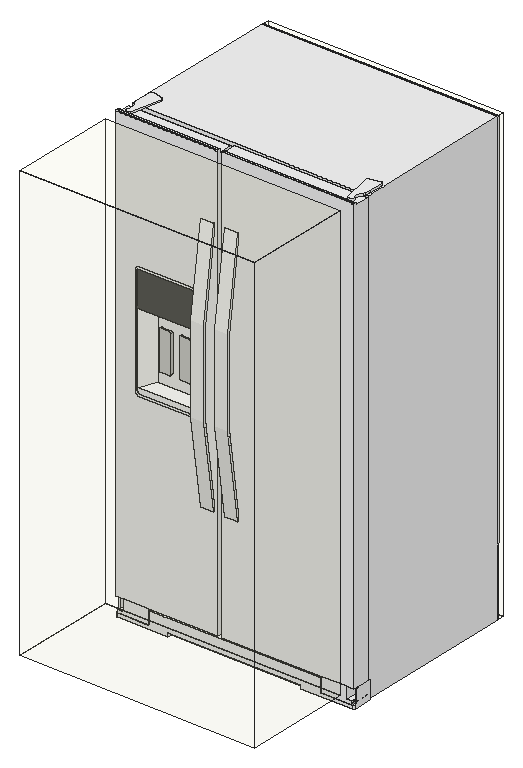
Revit family "WRS571CIHW-015c_Refrigeration_SXS", category Specialty Equipment, Revit 2026
Family settings
  Round Connector Dimension = Use Diameter
  Part Type = Normal
  Work Plane-Based = No
  Enable Cutting in Views = No
  Always vertical = Yes
  Cut with Voids When Loaded = No
  Maintain Annotation Orientation = No
  Shared = No
  Room Calculation Point = No
Parameters (values of type "WRS571CIHW")
  Width = 36"
  Warranty Duration (Years) = "One year limited"
  Voltage = 115 V
  URL = "https://www.whirlpool.com/kitchen/refrigeration/refrigerators/side-by-side/p.36-inch-wide-counter-depth-side-by-side-refrigerator-21-cu.-ft.wrs571cihz.html"
  Specification = ""
  SpecWizard = ""
  Show Clearance [instance] = yes
  Send Message = ""
  Sales Information = "https://www.whirlpool.com/kitchen/refrigeration/refrigerators/side-by-side/p.36-inch-wide-counter-depth-side-by-side-refrigerator-21-cu.-ft.wrs571cihz.html"
  Product Data = "https://www.whirlpool.com/content/dam/global/documents/201711/InstallationandOwnersManual-W10706417-RevB.pdf"
  Model = "WRS571CIHW"
  Manufacturer Website = ""
  Manufacturer Phone - Toll Free = ""
  Manufacturer Phone = ""
  Manufacturer Fax = ""
  Manufacturer Email = ""
  Manufacturer Address = ""
  Manufacturer = "Whirlpool"
  Maintenance Schedule (Months) = "NA"
  Leg Material = ARCAT - Metal - Steel - White
  Installation-Fabrication = "https://www.whirlpool.com/content/dam/global/documents/201807/installation-instruction-w10706411-revb.pdf"
  Installation Phase = "NA"
  Height = 68 7/8"
  Handle Material = ARCAT - Metal - Steel - White
  HW size = 0"
  Family Name = "Freestanding Refrigerator"
  Expected Lifespan (Years) = "NA"
  Exhaust size = 0"
  Drawn By = ""
  Drain size = 0"
  Door Material = ARCAT - Metal - Steel - White
  Display Panel Material = ARCAT - Glass - Black
  Description = "Whirlpool® 36-inch Wide Counter Depth Side-by-Side Refrigerator"
  Depth = 29 3/4"
  Default Elevation = 0"
  Copyright = ""
  Clearance Material = ARCAT - Clearance
  CW size = 0"
  Body Material = ARCAT - Metal - Steel - White
  Apparent Load = 0 VA
  Amps = 20 A
Reference planes (in)
  plane 1 "Center (Front/Back)": y = 0
  plane 2: z = 0
  plane 3 "Center (Left/Right)": x = 0
  plane 4: z = 68.875
  plane 5: y = -30.75
  plane 6: y = -1
  plane 7: x = 18
  plane 8: x = -18
  plane 9: z = 68.875
Forms (in)
  Extrusion 1, solid, material "ARCAT - Metal - Steel - White" <- "Body Material"
    sketch origin (0, -1, 0) x (1, 0, 0) y (0, 1, 0)
      loop
        line (-17.75, -0.125) -> (-17.75, -24.5) -> (17.75, -24.5) -> (17.75, -0.125) -> (-17.75, -0.125)
    from 0.5 to 68.625
  Extrusion 2, solid, material "ARCAT - Metal - Steel - White" <- "Body Material"
    sketch origin (19.90625, -1.125, 48) x (-1, 0, 0) y (0, 0, 1)
      loop
        line (2.15625, 20.625) -> (2.15625, -37.11587) -> (3.15625, -37.11587) -> (3.15625, 19.375) -> (36.65625, 19.375) -> (36.65625, -37.11587) -> (37.65625, -37.11587) -> (37.65625, 20.625) -> (2.15625, 20.625)
    from 0 to 0.125
  Extrusion 3, solid, material "ARCAT - Metal - Steel - White" <- "Body Material"
    sketch origin (-17.75, -1.125, 0) x (1, 0, 0) y (0, 0, -1)
      loop
        arc (35.47625, -10.88413) -> (35.49304, -10.87717) -> (35.5, -10.86038) r 0.02375
        line (35.5, -10.86038) -> (35.5, -0.5) -> (0, -0.5) -> (0, -10.86038)
        arc (0, -10.86038) -> (0.00696, -10.87717) -> (0.02375, -10.88413) r 0.02375
        line (0.02375, -10.88413) -> (1.20756, -10.88413)
        arc (1.20756, -10.88413) -> (1.22413, -10.891) -> (1.231, -10.90757) r 0.02344
        line (1.231, -10.90757) -> (1.231, -11.26273)
        arc (1.231, -11.26273) -> (1.23821, -11.28015) -> (1.25564, -11.28736) r 0.02464
        line (1.25564, -11.28736) -> (32.83267, -11.28736) -> (32.83267, -10.60759) -> (33.42208, -10.60759) -> (33.42208, -11.28736) -> (34.33361, -11.28736)
        arc (34.33361, -11.28736) -> (34.35103, -11.28015) -> (34.35825, -11.26273) r 0.02464
        line (34.35825, -11.26273) -> (34.35825, -10.90757)
        arc (34.35825, -10.90757) -> (34.36512, -10.891) -> (34.38169, -10.88413) r 0.02344
        line (34.38169, -10.88413) -> (35.47625, -10.88413)
      loop
        circle (8.37953, -10.25959) r 0.43193
    from 0 to 0.0625
  Extrusion 4, void
    sketch origin (-17.75, -1.125, 0) x (-1, 0, 0) y (0, 0, -1)
      loop
        line (-3.20358, -7.62739) -> (-2.70358, -7.62739) -> (-2.70358, -8.29333) -> (-2.59276, -8.29333) -> (-2.59276, -8.79333) -> (-2.22972, -8.79333) -> (-2.22972, -8.29333) -> (-2.1189, -8.29333) -> (-2.1189, -7.62739) -> (-1.6189, -7.62739) -> (-1.6189, -6.45946)
        arc (-1.6189, -6.45946) -> (-1.74531, -6.15429) -> (-2.05048, -6.02789) r 0.43157
        line (-2.05048, -6.02789) -> (-2.772, -6.02789)
        arc (-2.772, -6.02789) -> (-3.07717, -6.15429) -> (-3.20358, -6.45946) r 0.43157
        line (-3.20358, -6.45946) -> (-3.20358, -7.62739)
    from -0.125 to 1.8721
  Extrusion 5, solid, material "ARCAT - Metal - Steel - White" <- "Body Material"
    sketch origin (-11.54723, -1.0625, -1.25138) x (1, 0, 0) y (0, 0, -1)
      loop
        circle (26.9246, -11.70577) r 0.25
    from 0 to 0.03125
  Blend 6, solid, material "ARCAT - Metal - Steel - White" <- "Body Material"
    base sketch origin (0.30403, -1.0625, 10.4343) x (1, 0, 0) y (0, 0, -1)
      loop
        arc (15.34316, -12.01586) -> (15.76941, -11.8393) -> (15.94597, -11.41304) r 0.60281
        line (15.94597, -11.41304) -> (15.94597, -1.99242)
        arc (15.94597, -1.99242) -> (15.76978, -1.56705) -> (15.34441, -1.39086) r 0.60156
        line (15.34441, -1.39086) -> (7.04754, -1.39086)
        arc (7.04754, -1.39086) -> (6.62217, -1.56705) -> (6.44597, -1.99242) r 0.60156
        line (6.44597, -1.99242) -> (6.44597, -11.41429)
        arc (6.44597, -11.41429) -> (6.62217, -11.83966) -> (7.04754, -12.01586) r 0.60156
        line (7.04754, -12.01586) -> (15.34316, -12.01586)
    top sketch origin (0.30403, -1.0625, 10.4343) x (1, 0, 0) y (0, 0, -1)
      loop
        line (15.24597, -10.82836) -> (15.24597, -2.57836)
        arc (15.24597, -2.57836) -> (15.09953, -2.2248) -> (14.74597, -2.07836) r 0.5
        line (14.74597, -2.07836) -> (7.64472, -2.07836)
        arc (7.64472, -2.07836) -> (7.29117, -2.2248) -> (7.14472, -2.57836) r 0.5
        line (7.14472, -2.57836) -> (7.14472, -10.82836)
        arc (7.14472, -10.82836) -> (7.29117, -11.18191) -> (7.64472, -11.32836) r 0.5
        line (7.64472, -11.32836) -> (14.74597, -11.32836)
        arc (14.74597, -11.32836) -> (15.09953, -11.18191) -> (15.24597, -10.82836) r 0.5
    from 0 to 0.0625
  Extrusion 7, solid, material "ARCAT - Metal - Steel - White" <- "Door Material"
    sketch origin (0, 0.75, 68.875) x (1, 0, 0) y (0, 1, 0)
      loop
        line (17.25, -26.25) -> (-2, -26.25) -> (-2, -29.25) -> (18, -29.25) -> (18, -26.75) -> (17.25, -26.75) -> (17.25, -26.25)
    from -0.76265 to -65.625
  Extrusion 8, solid, material "ARCAT - Metal - Steel - White" <- "Door Material"
    sketch origin (0, 0.75, 68.875) x (1, 0, 0) y (0, 1, 0)
      loop
        line (-18, -29.25) -> (-2.625, -29.25) -> (-2.625, -26.25) -> (-17.25, -26.25) -> (-17.25, -26.75) -> (-18, -26.75) -> (-18, -29.25)
    from -0.76265 to -65.625
  Extrusion 9, solid, material "ARCAT - Metal - Steel - White" <- "Handle Material"
    sketch origin (-2.28977, 0.75, -11.02278) x (0, 1, 0) y (0, 0, -1)
      loop
        line (-29.25, -69.875) -> (-29.25, -68.74452)
        arc (-29.25, -68.74452) -> (-31.25116, -50.33528) -> (-29.25, -31.92604) r 85.67643
        line (-29.25, -31.92604) -> (-29.25, -30.79555)
        arc (-29.25, -30.79555) -> (-31.50116, -50.33528) -> (-29.25, -69.875) r 85.92643
    from 0.83523 to 2.83523
  Extrusion 10, solid, material "ARCAT - Glass - Black" <- "Display Panel Material"
    sketch origin (-17.75, -28.5, 66.625) x (1, 0, 0) y (0, 0, 1)
      loop
        line (3.05715, -23.21472) -> (11.63902, -23.21472) -> (11.63902, -18.16472)
        arc (11.63902, -18.16472) -> (11.5658, -17.98795) -> (11.38902, -17.91472) r 0.25
        line (11.38902, -17.91472) -> (3.30715, -17.91472)
        arc (3.30715, -17.91472) -> (3.13038, -17.98795) -> (3.05715, -18.16472) r 0.25
        line (3.05715, -18.16472) -> (3.05715, -23.21472)
    from 0 to 0.0625
  Blend 11, void
    base sketch origin (-17.75, -28.5, 66.625) x (-1, 0, 0) y (0, 0, 1)
      loop
        line (-3.05715, -23.21472) -> (-11.63902, -23.21472) -> (-11.63902, -34.11951) -> (-3.05715, -34.11951) -> (-3.05715, -23.21472)
    top sketch origin (-17.75, -28.5, 66.625) x (-1, 0, 0) y (0, 0, 1)
      loop
        line (-4.55715, -24.41472) -> (-10.13902, -24.41472) -> (-10.13902, -33.66472) -> (-4.55715, -33.66472) -> (-4.55715, -24.41472)
    from 0 to 2.00212
  Extrusion 12, solid, material "ARCAT - Metal - Steel - White" <- "Leg Material"
    sketch origin (17.75, -28.5, 68.875) x (-1, 0, 0) y (0, 0, -1)
      loop
        line (30.8125, 68.375) -> (4.75, 68.375) -> (4.75, 65.96484)
        arc (4.75, 65.96484) -> (4.77631, 65.90131) -> (4.83984, 65.875) r 0.08984
        line (4.83984, 65.875) -> (30.72266, 65.875)
        arc (30.72266, 65.875) -> (30.78619, 65.90131) -> (30.8125, 65.96484) r 0.08984
        line (30.8125, 65.96484) -> (30.8125, 68.375)
    from 0 to -3
  Extrusion 13, solid, material "ARCAT - Clearance" <- "Clearance Material", visible <- "Show Clearance", detail levels medium+fine
    sketch origin (63.95747, -179.25, 68.875) x (-1, 0, 0) y (0, -1, 0)
      loop
        line (46.20747, -148.5) -> (81.70747, -148.5) -> (81.70747, -132.375) -> (46.20747, -132.375) -> (46.20747, -148.5)
    from 0 to -65.625
  Extrusion 14, solid, material "ARCAT - Metal - Steel - White" <- "Leg Material"
    sketch origin (19.97981, -28.125, 69.375) x (-1, 0, 0) y (0, 0, -1)
      loop
        line (33.04231, 66.125) -> (36.78266, 66.125) -> (36.78266, 67.875) -> (37.5527, 67.875)
        arc (37.5527, 67.875) -> (37.63131, 67.90756) -> (37.66387, 67.98618) r 0.11118
        line (37.66387, 67.98618) -> (37.66387, 68.23028)
        arc (37.66387, 68.23028) -> (37.63184, 68.30762) -> (37.5545, 68.33965) r 0.10938
        line (37.5545, 68.33965) -> (33.04231, 68.33965) -> (33.04231, 66.125)
    from 0.375 to -2.625
  Extrusion 15, solid, material "ARCAT - Metal - Steel - White" <- "Leg Material"
    sketch origin (17.75, -25.5, 0.5) x (-1, 0, 0) y (0, 0, -1)
      loop
        line (35.75, -0.47474) -> (35.5, -0.47474) -> (35.5, -2.64562)
        arc (35.5, -2.64562) -> (35.50686, -2.6622) -> (35.52344, -2.66906) r 0.02344
        line (35.52344, -2.66906) -> (35.72749, -2.66906)
        arc (35.72749, -2.66906) -> (35.74341, -2.66247) -> (35.75, -2.64655) r 0.02251
        line (35.75, -2.64655) -> (35.75, -0.47474)
    from 0 to 2.42995
  Extrusion 16, solid, material "ARCAT - Metal - Steel - White" <- "Leg Material"
    sketch origin (0, -1, 0.5) x (0, 1, 0) y (1, 0, 0)
      loop
        line (-27.5, -13) -> (-27.5, -17.73417)
        arc (-27.5, -17.73417) -> (-27.42214, -17.92214) -> (-27.23417, -18) r 0.26583
        line (-27.23417, -18) -> (-24.5, -18) -> (-24.5, -13) -> (-27.5, -13)
    from 0 to -0.47474
  Extrusion 17, solid, material "ARCAT - Metal - Steel - White" <- "Handle Material"
    sketch origin (-2.33523, 0.75, -11.02278) x (0, 1, 0) y (0, 0, 1)
      loop
        arc (-29.25, 69.875) -> (-31.50116, 50.33528) -> (-29.25, 30.79555) r 85.92643
        line (-29.25, 30.79555) -> (-29.25, 31.92604)
        arc (-29.25, 31.92604) -> (-31.25116, 50.33528) -> (-29.25, 68.74452) r 85.67643
        line (-29.25, 68.74452) -> (-29.25, 69.875)
    from 0.83523 to 2.83523
  Extrusion 18, solid, material "ARCAT - Glass - Black" <- "Display Panel Material"
    sketch origin (-17.75, -28.5, 66.625) x (1, 0, 0) y (0, 0, 1)
      loop
        arc (3.05715, -34.43606) -> (3.17663, -34.7245) -> (3.46508, -34.84398) r 0.40793
        line (3.46508, -34.84398) -> (11.23277, -34.84398)
        arc (11.23277, -34.84398) -> (11.52004, -34.72499) -> (11.63902, -34.43773) r 0.40625
        line (11.63902, -34.43773) -> (11.63902, -18.16472)
        arc (11.63902, -18.16472) -> (11.5658, -17.98795) -> (11.38902, -17.91472) r 0.25
        line (11.38902, -17.91472) -> (3.30715, -17.91472)
        arc (3.30715, -17.91472) -> (3.13038, -17.98795) -> (3.05715, -18.16472) r 0.25
        line (3.05715, -18.16472) -> (3.05715, -34.43606)
      loop
        arc (2.80715, -34.43606) -> (2.99985, -34.90128) -> (3.46508, -35.09398) r 0.65793
        line (3.46508, -35.09398) -> (11.23277, -35.09398)
        arc (11.23277, -35.09398) -> (11.69681, -34.90177) -> (11.88902, -34.43773) r 0.65625
        line (11.88902, -34.43773) -> (11.88902, -18.16472)
        arc (11.88902, -18.16472) -> (11.74258, -17.81117) -> (11.38902, -17.66472) r 0.5
        line (11.38902, -17.66472) -> (3.30715, -17.66472)
        arc (3.30715, -17.66472) -> (2.9536, -17.81117) -> (2.80715, -18.16472) r 0.5
        line (2.80715, -18.16472) -> (2.80715, -34.43606)
    from 0 to 0.07813
  Extrusion 19, solid, material "ARCAT - Metal - Steel - White" <- "Door Material"
    sketch origin (-18, 5.715, 47.73735) x (0, 1, 0) y (0, 0, 1)
      loop
        line (-31.715, 20.375) -> (-31.715, 20.63765) -> (-33.86008, 20.63765) -> (-33.86008, 21.11031)
        arc (-33.86008, 21.11031) -> (-33.86809, 21.12965) -> (-33.88742, 21.13765) r 0.02734
        line (-33.88742, 21.13765) -> (-34.18846, 21.13765)
        arc (-34.18846, 21.13765) -> (-34.20723, 21.12988) -> (-34.215, 21.11111) r 0.02655
        line (-34.215, 21.11111) -> (-34.215, 20.375) -> (-31.715, 20.375)
    from 0 to 15.375
  Extrusion 20, solid, material "ARCAT - Metal - Steel - White" <- "Door Material"
    sketch origin (18, 5.715, 47.73735) x (0, 1, 0) y (0, 0, -1)
      loop
        line (-31.715, -20.375) -> (-34.215, -20.375) -> (-34.215, -21.11111)
        arc (-34.215, -21.11111) -> (-34.20723, -21.12988) -> (-34.18846, -21.13765) r 0.02655
        line (-34.18846, -21.13765) -> (-33.88742, -21.13765)
        arc (-33.88742, -21.13765) -> (-33.86809, -21.12965) -> (-33.86008, -21.11031) r 0.02734
        line (-33.86008, -21.11031) -> (-33.86008, -20.88765) -> (-31.715, -20.88765) -> (-31.715, -20.375)
    from 0 to 20
  Extrusion 21, solid, material "ARCAT - Metal - Steel - White" <- "Body Material"
    sketch origin (0.125, -1, 68.625) x (1, 0, 0) y (0, 1, 0)
      loop
        arc (-17.26354, -21.39842) -> (-17.50419, -21.45093) -> (-17.61177, -21.6725) r 0.28197
        line (-17.61177, -21.6725) -> (-17.61177, -23.92511)
        arc (-17.61177, -23.92511) -> (-17.58722, -24.28246) -> (-17.51403, -24.6331) r 2.61317
        arc (-17.51403, -24.6331) -> (-17.45066, -24.78883) -> (-17.35425, -24.92658) r 0.75155
        arc (-17.35425, -24.92658) -> (-17.07156, -25.59776) -> (-17.25143, -26.30348) r 1.14347
        arc (-17.25143, -26.30348) -> (-17.08794, -26.87936) -> (-16.53806, -26.64274) r 0.39831
        line (-16.53806, -26.64274) -> (-15.57015, -22.08907)
        arc (-15.57015, -22.08907) -> (-15.60727, -21.8807) -> (-15.77917, -21.75722) r 0.28125
        line (-15.77917, -21.75722) -> (-17.26354, -21.39842)
    from 0.25 to 0
  Extrusion 22, solid, material "ARCAT - Metal - Steel - White" <- "Body Material"
    sketch origin (-0.125, -1, 68.625) x (-1, 0, 0) y (0, -1, 0)
      loop
        line (-17.26354, 21.39842) -> (-15.77917, 21.75722)
        arc (-15.77917, 21.75722) -> (-15.60727, 21.8807) -> (-15.57015, 22.08907) r 0.28125
        line (-15.57015, 22.08907) -> (-16.53806, 26.64274)
        arc (-16.53806, 26.64274) -> (-17.08794, 26.87936) -> (-17.25143, 26.30348) r 0.39831
        arc (-17.25143, 26.30348) -> (-17.07156, 25.59776) -> (-17.35425, 24.92658) r 1.14347
        arc (-17.35425, 24.92658) -> (-17.45066, 24.78883) -> (-17.51403, 24.6331) r 0.75155
        arc (-17.51403, 24.6331) -> (-17.58722, 24.28246) -> (-17.61177, 23.92511) r 2.61317
        line (-17.61177, 23.92511) -> (-17.61177, 21.6725)
        arc (-17.61177, 21.6725) -> (-17.50419, 21.45093) -> (-17.26354, 21.39842) r 0.28197
    from 0.25 to 0
  Extrusion 23, solid, material "ARCAT - Metal - Steel - White" <- "Leg Material"
    sketch origin (-0.75, -1, 0.5) x (1, 0, 0) y (0, -1, 0)
      loop
        circle (16.18238, 22.39858) r 0.75
    from 0 to 0.5
  Extrusion 24, solid, material "ARCAT - Metal - Steel - White" <- "Leg Material"
    sketch origin (-0.75, 18, 0.5) x (1, 0, 0) y (0, -1, 0)
      loop
        circle (16.18238, 22.39858) r 0.75
    from 0 to 0.5
  Extrusion 25, solid, material "ARCAT - Metal - Steel - White" <- "Leg Material"
    sketch origin (0.75, -1, 0.5) x (1, 0, 0) y (0, -1, 0)
      loop
        circle (-16.18238, 22.39858) r 0.75
    from 0 to 0.5
  Extrusion 26, solid, material "ARCAT - Metal - Steel - White" <- "Leg Material"
    sketch origin (0.75, 18, 0.5) x (1, 0, 0) y (0, -1, 0)
      loop
        circle (-16.18238, 22.39858) r 0.75
    from 0 to 0.5
  Extrusion 27, solid, material "ARCAT - Metal - Steel - White" <- "Body Material"
    sketch origin (-17.75, -26.49788, 66.625) x (1, 0, 0) y (0, 0, 1)
      loop
        arc (5.19868, -26.05351) -> (5.0219, -26.12673) -> (4.94868, -26.30351) r 0.25
        line (4.94868, -26.30351) -> (4.94868, -31.75621)
        arc (4.94868, -31.75621) -> (5.0219, -31.93299) -> (5.19868, -32.00621) r 0.25
        line (5.19868, -32.00621) -> (6.44868, -32.00621)
        arc (6.44868, -32.00621) -> (6.62546, -31.93299) -> (6.69868, -31.75621) r 0.25
        line (6.69868, -31.75621) -> (6.69868, -26.30351)
        arc (6.69868, -26.30351) -> (6.62546, -26.12673) -> (6.44868, -26.05351) r 0.25
        line (6.44868, -26.05351) -> (5.19868, -26.05351)
    from 0 to 0.25
  Extrusion 28, solid, material "ARCAT - Metal - Steel - White" <- "Body Material"
    sketch origin (-3.17882, -26.49788, 66.625) x (-1, 0, 0) y (0, 0, -1)
      loop
        line (5.07368, 26.05351) -> (6.32368, 26.05351)
        arc (6.32368, 26.05351) -> (6.50046, 26.12673) -> (6.57368, 26.30351) r 0.25
        line (6.57368, 26.30351) -> (6.57368, 31.75621)
        arc (6.57368, 31.75621) -> (6.50046, 31.93299) -> (6.32368, 32.00621) r 0.25
        line (6.32368, 32.00621) -> (5.07368, 32.00621)
        arc (5.07368, 32.00621) -> (4.8969, 31.93299) -> (4.82368, 31.75621) r 0.25
        line (4.82368, 31.75621) -> (4.82368, 26.30351)
        arc (4.82368, 26.30351) -> (4.8969, 26.12673) -> (5.07368, 26.05351) r 0.25
    from 0 to 0.25
  Extrusion 29, solid, material "ARCAT - Clearance" <- "Clearance Material", visible <- "Show Clearance", detail levels medium+fine
    sketch origin (63.95747, -148.5, 68.875) x (-1, 0, 0) y (0, -1, 0)
      loop
        line (46.20747, -148.5) -> (81.70747, -148.5) -> (81.70747, -147.5) -> (46.20747, -147.5) -> (46.20747, -148.5)
    from -0.25 to -68.375
  Extrusion 30, solid, material "ARCAT - Metal - Steel - White" <- "Leg Material"
    sketch origin (-19.97981, -28.125, 69.375) x (1, 0, 0) y (0, 0, 1)
      loop
        line (33.04231, -66.125) -> (33.04231, -68.33965) -> (37.5545, -68.33965)
        arc (37.5545, -68.33965) -> (37.63184, -68.30762) -> (37.66387, -68.23028) r 0.10938
        line (37.66387, -68.23028) -> (37.66387, -67.98618)
        arc (37.66387, -67.98618) -> (37.63131, -67.90756) -> (37.5527, -67.875) r 0.11118
        line (37.5527, -67.875) -> (36.78266, -67.875) -> (36.78266, -66.125) -> (33.04231, -66.125)
    from 0.375 to -2.625
  Extrusion 31, solid, material "ARCAT - Metal - Steel - White" <- "Leg Material"
    sketch origin (-17.75, -25.5, 0.5) x (1, 0, 0) y (0, 0, 1)
      loop
        line (35.75, 0.47474) -> (35.75, 2.72749)
        arc (35.75, 2.72749) -> (35.74341, 2.74341) -> (35.72749, 2.75) r 0.02251
        line (35.72749, 2.75) -> (35.52344, 2.75)
        arc (35.52344, 2.75) -> (35.50686, 2.74314) -> (35.5, 2.72656) r 0.02344
        line (35.5, 2.72656) -> (35.5, 0.47474) -> (35.75, 0.47474)
    from 0 to 2.42995
  Extrusion 32, solid, material "ARCAT - Metal - Steel - White" <- "Leg Material"
    sketch origin (0, -1, 0.5) x (0, -1, 0) y (-1, 0, 0)
      loop
        line (27.5, -13) -> (24.5, -13) -> (24.5, -18) -> (27.23417, -18)
        arc (27.23417, -18) -> (27.42214, -17.92214) -> (27.5, -17.73417) r 0.26583
        line (27.5, -17.73417) -> (27.5, -13)
    from 0 to -0.47474
  Extrusion 33, void
    sketch origin (17.75, -28.5, 68.875) x (1, 0, 0) y (0, 0, -1)
      loop
        line (-27.8125, 67.8338) -> (-7.8125, 67.8338) -> (-7.8125, 68.375) -> (-27.8125, 68.375) -> (-27.8125, 67.8338)
    from 0 to 0.57005
Cuts and joins
  Extrusion 4, Extrusion 33 cuts Extrusion 1
  Extrusion 4 cuts Extrusion 3
  Blend 11 cuts Extrusion 8
  joined: Extrusion 7, Extrusion 8, Extrusion 19, Extrusion 20
  Extrusion 33 cuts Extrusion 12
  Extrusion 33 cuts Extrusion 15
  Extrusion 33 cuts Extrusion 16
  Extrusion 33 cuts Extrusion 31
  Extrusion 33 cuts Extrusion 32
  joined: Extrusion 12, Extrusion 15, Extrusion 16, Extrusion 31, Extrusion 32
Lines and regions (in)
  Split face 1
    outline origin (-18, -28.5, 68.11235) x (0, 0, -1) y (1, 0, 0)
      loop
        line (36.33133, 3.71508) -> (36.33133, 11.48277)
        arc (36.33133, 11.48277) -> (36.21234, 11.77004) -> (35.92508, 11.88902) r 0.40625
        line (35.92508, 11.88902) -> (35.60685, 11.88902) -> (35.60685, 3.30715) -> (35.9234, 3.30715)
        arc (35.9234, 3.30715) -> (36.21185, 3.42663) -> (36.33133, 3.71508) r 0.40793
  model lines
    curve 1: line (-8.90272, -1.0625, 8.95033) -> (-11.15272, -1.0625, 8.95033)
    curve 2: line (-8.90272, -1.0625, 1.56722) -> (-8.90272, -1.0625, 8.95033)
    curve 3: line (-15.90272, -1.0625, 3.78839) -> (-13.40272, -1.0625, 3.78839)
    curve 4: line (-15.90272, -1.0625, 3.78839) -> (-15.90272, -1.0625, 1.56722)
    curve 5: line (-15.90272, -1.0625, 1.56722) -> (-8.90272, -1.0625, 1.56722)
    curve 6: line (-11.15272, -1.0625, 8.95033) -> (-11.15272, -1.0625, 10.45033)
    curve 7: line (-11.15272, -1.0625, 10.45033) -> (-13.40272, -1.0625, 10.45033)
    curve 8: line (-13.40272, -1.0625, 10.45033) -> (-13.40272, -1.0625, 3.78839)
    curve 9: circle (13.1205, -1.125, 63.80901) r 2.2 normal (0, 1, 0)
    curve 10: circle (0.96483, -1.125, 21.37642) r 2.2 normal (0, 1, 0)
  symbolic lines, style "SpecialityEquipment"
    curve 11: line (18, -28.5, 0.5) -> (-18, -28.5, 0.5)
    curve 12: line (-17.75, -1, 0.5) -> (18, -1, 0.5)
    curve 13: line (-5.125, -30.75116, 0.5) -> (-5.125, -28.5, 0.5)
    curve 14: line (-3.125, -30.75116, 0.5) -> (-5.125, -30.75116, 0.5)
    curve 15: line (-3.125, -28.5, 0.5) -> (-3.125, -30.75116, 0.5)
    curve 16: line (-1.5, -30.75116, 0.5) -> (-1.5, -28.5, 0.5)
    curve 17: line (0.5, -30.75116, 0.5) -> (-1.5, -30.75116, 0.5)
    curve 18: line (0.5, -28.5, 0.5) -> (0.5, -30.75116, 0.5)
    curve 19: line (18, -28.5, 0.5) -> (18, -1, 0.5)
    curve 20: line (-18, -28.5, 0.5) -> (-18, -1, 0.5)
Dimensions and locks (in)
  "Height": plane 4 to level
  "Depth": plane 6 to plane 5
  "Width": plane 8 to plane 7
  equal spacing: plane 8, plane 3 "Center (Left/Right)", plane 7
  aligned and locked: plane 2 to level
Automatic sketch dimensions
  plane 8 to Extrusion 1 sketch curve = 1/4"
  Extrusion 1 sketch curve to plane 7 = 1/4"
  plane 5 to Extrusion 1 sketch curve = 5 1/4"
  plane 6 to Extrusion 1 sketch curve = 1/8"
  Extrusion 2 sketch curve to plane 7 = 1/4"
  Extrusion 2 sketch curve to plane 7 = 1 1/4"
  plane 8 to Extrusion 2 sketch curve = 1 1/4"
  plane 8 to Extrusion 2 sketch curve = 1/4"
  level to Extrusion 2 sketch curve = 10.88413"  (x2)
  Extrusion 2 sketch curve to plane 4 = 1 1/2"
  Extrusion 2 sketch curve to plane 4 = 1/4"
  Extrusion 1 to Extrusion 3 sketch curve = 0"
  Extrusion 3 sketch curve to Extrusion 1 = 0"  (x2)
  Extrusion 3 sketch curve to Extrusion 1 = 0.02375"  (x2)
  Extrusion 3 sketch curve to Extrusion 3 sketch curve = 1.18381"
  Extrusion 3 sketch curve to Extrusion 3 sketch curve = 3/128"  (x2)
  Extrusion 3 sketch curve to Extrusion 3 sketch curve = 0.02464"  (x2)
  Extrusion 3 sketch curve to Extrusion 3 sketch curve = 7.14854"
  Extrusion 3 sketch curve to Extrusion 1 = 2.66733"
  Extrusion 3 sketch curve to Extrusion 3 sketch curve = 0.58942"
  Extrusion 3 sketch curve to Extrusion 3 sketch curve = 0.91153"
  Extrusion 1 to Extrusion 3 sketch curve = 9.75959"
  Extrusion 1 to Extrusion 3 sketch curve = 10.10759"
  Extrusion 3 sketch curve to Extrusion 3 sketch curve = 0.60079"
  Extrusion 3 sketch curve to Extrusion 3 sketch curve = 0.25279"
  Extrusion 3 sketch curve to Extrusion 3 sketch curve = 0.35516"  (x2)
  Extrusion 1 to Extrusion 4 sketch curve = 3.20358"
  Extrusion 4 sketch curve to Extrusion 4 sketch curve = 0.43157"  (x2)
  Extrusion 4 sketch curve to Extrusion 4 sketch curve = 1/2"  (x2)
  Extrusion 4 sketch curve to Extrusion 4 sketch curve = 0.11082"
  Extrusion 4 sketch curve to Extrusion 4 sketch curve = 0.36304"
  Extrusion 4 sketch curve to Extrusion 4 sketch curve = 0.58467"
  Extrusion 4 sketch curve to Extrusion 4 sketch curve = 0.72153"
  Extrusion 4 sketch curve to Extrusion 1 = 8.29333"
  Extrusion 4 sketch curve to Extrusion 4 sketch curve = 0"
  Extrusion 4 sketch curve to Extrusion 4 sketch curve = 0.66594"  (x2)
  Extrusion 4 sketch curve to Extrusion 4 sketch curve = 1.16793"
  level to Extrusion 5 sketch curve = 10.45438"
  curve 10 to Extrusion 1 = 16 201/256"
  curve 9 to Extrusion 1 = 4.6295"
  Extrusion 1 to curve 9 = 4.81599"
  Extrusion 1 to curve 10 = 20.87642"
  curve 4 to Extrusion 3 = 0.61628"
  curve 3 to curve 3 = 2 1/2"
  curve 7 to Extrusion 3 = 0.15726"
  curve 7 to curve 7 = 2 1/4"
  curve 2 to Extrusion 3 = 1.06722"
  curve 3 to curve 2 = 4 1/2"
  curve 6 to curve 6 = 1 1/2"
  curve 3 to Extrusion 3 = 3.28839"
  Blend 6 sketch curve to Blend 6 sketch curve = 77/128"  (x2)
  Blend 6 sketch curve to plane 7 = 2.35281"
  Blend 6 sketch curve to plane 7 = 2 45/128"
  Blend 6 sketch curve to Blend 6 sketch curve = 0.60281"
  level to Blend 6 sketch curve = 22.45015"
  Blend 6 sketch curve to Blend 6 sketch curve = 9 27/64"
  Blend 6 sketch curve to Blend 6 sketch curve = 1/2"  (x3)
  level to Blend 6 sketch curve = 21.76265"
  Blend 6 sketch curve to Blend 6 sketch curve = 8 1/4"
  Extrusion 7 sketch curve to plane 7 = 0"
  Extrusion 7 sketch curve to plane 7 = 3/4"
  Extrusion 7 sketch curve to plane 3 "Center (Left/Right)" = 2"
  plane 5 to Extrusion 7 sketch curve = 2 1/4"
  Extrusion 7 sketch curve to Extrusion 7 sketch curve = 2 1/2"
  Extrusion 7 sketch curve to Extrusion 7 sketch curve = 1/2"
  Extrusion 8 sketch curve to plane 8 = 0"
  plane 8 to Extrusion 8 sketch curve = 3/4"
  Extrusion 8 sketch curve to plane 3 "Center (Left/Right)" = 2 5/8"
  plane 5 to Extrusion 8 sketch curve = 2 1/4"
  Extrusion 8 sketch curve to Extrusion 8 sketch curve = 2 1/2"
  Extrusion 8 sketch curve to Extrusion 8 sketch curve = 3"
  Extrusion 9 sketch curve to Extrusion 9 sketch curve = 0"  (x2)
  plane 5 to Extrusion 9 sketch curve = 2 1/4"  (x2)
  Extrusion 9 sketch curve to plane 1 "Center (Front/Back)" = 55.17527"
  Extrusion 9 sketch curve to plane 4 = 10.02278"
  Extrusion 9 sketch curve to Extrusion 9 sketch curve = 1.13048"
  Extrusion 9 sketch curve to plane 4 = 29 9/16"
  Extrusion 8 to Extrusion 10 sketch curve = 3.30715"
  Extrusion 10 sketch curve to Extrusion 10 sketch curve = 1/4"
  Extrusion 10 sketch curve to Extrusion 8 = 3.73598"
  Extrusion 10 sketch curve to Extrusion 8 = 3.48598"
  Extrusion 8 to Extrusion 10 sketch curve = 24.70206"
  Extrusion 10 sketch curve to Extrusion 10 sketch curve = 5.04999"
  Extrusion 8 to Blend 11 sketch curve = 3.48598"
  Blend 11 sketch curve to Extrusion 8 = 3.30715"
  Blend 11 sketch curve to Extrusion 8 = 29.25549"
  Blend 11 sketch curve to Blend 11 sketch curve = 10.90479"
  Extrusion 8 to Blend 11 sketch curve = 4.98598"
  Blend 11 sketch curve to Extrusion 8 = 4.80715"
  Blend 11 sketch curve to Extrusion 8 = 29.71028"
  Blend 11 sketch curve to Blend 11 sketch curve = 9 1/4"
  Extrusion 12 sketch curve to Extrusion 7 = 5"
  Extrusion 12 sketch curve to Extrusion 12 sketch curve = 23/256"  (x2)
  Extrusion 12 sketch curve to Extrusion 7 = 1/4"
  Extrusion 7 to Extrusion 12 sketch curve = 10 249/256"
  Extrusion 12 sketch curve to Extrusion 12 sketch curve = 2 105/256"
  Extrusion 13 sketch curve to plane 5 = 0"
  Extrusion 13 sketch curve to plane 7 = 1/4"
  plane 8 to Extrusion 13 sketch curve = 1/4"
  Extrusion 13 sketch curve to Extrusion 13 sketch curve = 16 1/8"
  plane 8 to Extrusion 14 sketch curve = 1.19715"
  plane 8 to Extrusion 14 sketch curve = 0.42712"
  Extrusion 14 sketch curve to Extrusion 14 sketch curve = 0.0018"
  Extrusion 14 sketch curve to Extrusion 14 sketch curve = 0.11118"
  level to Extrusion 14 sketch curve = 3 1/4"
  level to Extrusion 14 sketch curve = 1 1/2"
  Extrusion 14 sketch curve to Extrusion 14 sketch curve = 0.2441"
  Extrusion 15 sketch curve to plane 8 = 0"
  Extrusion 15 sketch curve to Extrusion 15 sketch curve = 0.02251"
  Extrusion 15 sketch curve to Extrusion 15 sketch curve = 0.20405"
  Extrusion 15 sketch curve to Extrusion 15 sketch curve = 3/128"
  level to Extrusion 15 sketch curve = 3.16906"
  level to Extrusion 15 sketch curve = 0.97474"
  Extrusion 16 sketch curve to plane 8 = 0"
  plane 8 to Extrusion 16 sketch curve = 0.26583"
  plane 5 to Extrusion 16 sketch curve = 2 1/4"
  Extrusion 16 sketch curve to Extrusion 16 sketch curve = 2.73417"
  Extrusion 17 sketch curve to Extrusion 17 sketch curve = 0"  (x2)
  plane 5 to Extrusion 17 sketch curve = 2 1/4"  (x2)
  Extrusion 17 sketch curve to plane 1 "Center (Front/Back)" = 55.17527"
  level to Extrusion 17 sketch curve = 19.77278"
  Extrusion 17 sketch curve to Extrusion 17 sketch curve = 1.13048"
  Extrusion 17 sketch curve to plane 4 = 29 9/16"
  Extrusion 18 sketch curve to Extrusion 18 sketch curve = 0"  (x8)
  Extrusion 8 to Extrusion 18 sketch curve = 3.05715"
  Extrusion 18 sketch curve to Extrusion 18 sketch curve = 1/4"  (x2)
  Extrusion 18 sketch curve to Extrusion 18 sketch curve = 0.40793"
  Extrusion 18 sketch curve to Extrusion 8 = 3.89223"
  Extrusion 18 sketch curve to Extrusion 8 = 3.73598"
  Extrusion 18 sketch curve to Extrusion 18 sketch curve = 13/32"
  Extrusion 8 to Extrusion 18 sketch curve = 28.28102"
  Extrusion 18 sketch curve to Extrusion 18 sketch curve = 16.27133"
  Extrusion 19 sketch curve to plane 4 = 0"
  Extrusion 19 sketch curve to plane 4 = 0.02655"
  plane 5 to Extrusion 19 sketch curve = 2 1/4"
  Extrusion 19 sketch curve to Extrusion 19 sketch curve = 0.30104"
  Extrusion 19 sketch curve to plane 4 = 7/256"
  Extrusion 19 sketch curve to plane 4 = 1/2"
  Extrusion 19 sketch curve to Extrusion 19 sketch curve = 2.14507"
  Extrusion 19 sketch curve to Extrusion 19 sketch curve = 0.26265"
  Extrusion 20 sketch curve to plane 4 = 0"
  Extrusion 20 sketch curve to plane 4 = 0.02655"
  plane 5 to Extrusion 20 sketch curve = 2 1/4"
  Extrusion 20 sketch curve to Extrusion 20 sketch curve = 0.30104"
  Extrusion 20 sketch curve to plane 4 = 7/256"
  Extrusion 20 sketch curve to plane 4 = 1/4"
  Extrusion 20 sketch curve to Extrusion 20 sketch curve = 2.14507"
  Extrusion 20 sketch curve to Extrusion 20 sketch curve = 0.51265"
  Extrusion 1 to Extrusion 21 sketch curve = 0.33686"
  Extrusion 21 sketch curve to Extrusion 1 = 0.26323"
  Extrusion 21 sketch curve to Extrusion 21 sketch curve = 0.28197"
  Extrusion 21 sketch curve to Extrusion 21 sketch curve = 0.06625"
  Extrusion 21 sketch curve to Extrusion 1 = 0.95812"
  Extrusion 21 sketch curve to Extrusion 1 = 0.07052"
  Extrusion 21 sketch curve to Extrusion 21 sketch curve = 0.82117"
  Extrusion 21 sketch curve to Extrusion 21 sketch curve = 0.37882"
  Extrusion 21 sketch curve to Extrusion 21 sketch curve = 1.48454"
  Extrusion 21 sketch curve to Extrusion 21 sketch curve = 0.06608"
  Extrusion 21 sketch curve to Extrusion 21 sketch curve = 0.2751"
  Extrusion 21 sketch curve to Extrusion 1 = 0.57489"
  Extrusion 21 sketch curve to Extrusion 21 sketch curve = 1.792"
  Extrusion 1 to Extrusion 21 sketch curve = 1.18292"
  Extrusion 21 sketch curve to Extrusion 21 sketch curve = 0.83673"
  Extrusion 21 sketch curve to Extrusion 21 sketch curve = 0.12309"
  Extrusion 21 sketch curve to Extrusion 21 sketch curve = 1.83603"
  Extrusion 21 sketch curve to Extrusion 21 sketch curve = 0.05848"
  Extrusion 21 sketch curve to Extrusion 21 sketch curve = 0.35809"
  Extrusion 21 sketch curve to Extrusion 21 sketch curve = 0"  (x2)
  Extrusion 1 to Extrusion 22 sketch curve = 0.33686"
  Extrusion 22 sketch curve to Extrusion 1 = 0.26323"
  Extrusion 22 sketch curve to Extrusion 22 sketch curve = 0.28197"
  Extrusion 22 sketch curve to Extrusion 22 sketch curve = 0.06625"
  Extrusion 22 sketch curve to Extrusion 1 = 0.95812"
  Extrusion 22 sketch curve to Extrusion 1 = 0.07052"
  Extrusion 22 sketch curve to Extrusion 22 sketch curve = 0.82117"
  Extrusion 22 sketch curve to Extrusion 22 sketch curve = 0.37882"
  Extrusion 22 sketch curve to Extrusion 22 sketch curve = 1.48454"
  Extrusion 22 sketch curve to Extrusion 22 sketch curve = 0.06608"
  Extrusion 22 sketch curve to Extrusion 22 sketch curve = 0.2751"
  Extrusion 22 sketch curve to Extrusion 1 = 0.57489"
  Extrusion 22 sketch curve to Extrusion 22 sketch curve = 1.792"
  Extrusion 22 sketch curve to Extrusion 22 sketch curve = 1.83603"
  Extrusion 22 sketch curve to Extrusion 22 sketch curve = 0.05848"
  Extrusion 22 sketch curve to Extrusion 22 sketch curve = 0.35809"
  Extrusion 1 to Extrusion 22 sketch curve = 1.18292"
  Extrusion 22 sketch curve to Extrusion 22 sketch curve = 0.83673"
  Extrusion 22 sketch curve to Extrusion 22 sketch curve = 0.12309"
  Extrusion 22 sketch curve to Extrusion 22 sketch curve = 0"  (x2)
  plane 5 to Extrusion 23 sketch curve = 7.35142"
  plane 6 to Extrusion 24 sketch curve = 3.39858"
  plane 5 to Extrusion 25 sketch curve = 7.35142"
  plane 6 to Extrusion 26 sketch curve = 3.39858"
  Extrusion 27 sketch curve to Blend 11 = 0.39153"
  Extrusion 27 sketch curve to Extrusion 27 sketch curve = 1/4"  (x3)
  Extrusion 27 sketch curve to Extrusion 27 sketch curve = 1 1/4"  (x2)
  Extrusion 27 sketch curve to Blend 11 = 1.65851"
  Extrusion 27 sketch curve to Blend 11 = 1.88879"
  Extrusion 28 sketch curve to Blend 11 = 0.39153"
  Extrusion 28 sketch curve to Extrusion 28 sketch curve = 1/4"  (x3)
  Extrusion 28 sketch curve to Extrusion 28 sketch curve = 1 1/4"  (x2)
  Extrusion 28 sketch curve to Blend 11 = 1.63879"
  Extrusion 28 sketch curve to Blend 11 = 1.90851"
  plane 6 to Extrusion 29 sketch curve = 0"
  plane 1 "Center (Front/Back)" to Extrusion 29 sketch curve = 0"
  Extrusion 29 sketch curve to plane 7 = 1/4"
  plane 8 to Extrusion 29 sketch curve = 1/4"
  Extrusion 30 sketch curve to plane 7 = 1.19715"
  Extrusion 30 sketch curve to plane 7 = 0.42712"
  Extrusion 30 sketch curve to Extrusion 30 sketch curve = 0.0018"
  Extrusion 30 sketch curve to Extrusion 30 sketch curve = 0.11118"
  level to Extrusion 30 sketch curve = 1.03535"
  Extrusion 30 sketch curve to Extrusion 30 sketch curve = 0.2441"
  Extrusion 30 sketch curve to Extrusion 30 sketch curve = 1 3/4"
  Extrusion 31 sketch curve to plane 7 = 0"
  Extrusion 31 sketch curve to Extrusion 31 sketch curve = 0.02251"
  Extrusion 31 sketch curve to Extrusion 31 sketch curve = 0.20405"
  Extrusion 31 sketch curve to Extrusion 31 sketch curve = 3/128"
  level to Extrusion 31 sketch curve = 0.97474"
  Extrusion 31 sketch curve to Extrusion 31 sketch curve = 2.25182"
  Extrusion 32 sketch curve to plane 7 = 0"
  plane 5 to Extrusion 32 sketch curve = 5 1/4"
  Extrusion 32 sketch curve to plane 7 = 0.26583"
  plane 5 to Extrusion 32 sketch curve = 2.51583"
  Extrusion 33 sketch curve to Extrusion 7 = 8 1/16"
  Extrusion 7 to Extrusion 33 sketch curve = 2 3/4"
  Extrusion 7 to Extrusion 33 sketch curve = 11 15/16"
  Extrusion 33 sketch curve to Extrusion 33 sketch curve = 0.5412"
  Extrusion 14 sketch curve to Extrusion 14 sketch curve = 3.74035"
  Extrusion 16 sketch curve to Extrusion 16 sketch curve = 4.73417"
  plane 8 to Extrusion 25 sketch curve = 2.56762"
  plane 8 to Extrusion 26 sketch curve = 2.56762"
  Extrusion 5 sketch curve to plane 7 = 2.62263"
  plane 3 "Center (Left/Right)" to Blend 6 sketch curve = 7 45/128"
  plane 3 "Center (Left/Right)" to Blend 6 sketch curve = 7.44875"
  Blend 6 sketch curve to plane 7 = 2.95"  (x2)
  Extrusion 23 sketch curve to plane 7 = 2.56762"
  Extrusion 24 sketch curve to plane 7 = 2.56762"
  Extrusion 30 sketch curve to Extrusion 30 sketch curve = 3.74035"
  Extrusion 32 sketch curve to Extrusion 32 sketch curve = 4.73417"
  plane 6 to curve 19 = 0"
  plane 6 to curve 20 = 0"
  curve 20 to plane 8 = 0"
  curve 19 to plane 7 = 0"
  plane 5 to curve 20 = 2 1/4"
  curve 17 to plane 5 = 0.00116"
  curve 15 to plane 5 = 0.00116"
  curve 13 to plane 3 "Center (Left/Right)" = 5 1/8"
  curve 13 to curve 15 = 2"
  curve 16 to plane 3 "Center (Left/Right)" = 1 1/2"
  plane 3 "Center (Left/Right)" to curve 18 = 1/2"
  plane 8 to curve 12 = 1/4"
  Split face 1 sketch curve to cut or joined group of Extrusion 7, Extrusion 8, Blend 11, Extrusion 19, Extrusion 20 = 0.31655"
  Split face 1 sketch curve to Split face 1 sketch curve = 0.40793"
  cut or joined group of Extrusion 7, Extrusion 8, Blend 11, Extrusion 19, Extrusion 20 to Split face 1 sketch curve = 13/32"
  Split face 1 sketch curve to cut or joined group of Extrusion 7, Extrusion 8, Blend 11, Extrusion 19, Extrusion 20 = 0"  (x2)
  cut or joined group of Extrusion 7, Extrusion 8, Blend 11, Extrusion 19, Extrusion 20 to Split face 1 sketch curve = 0"
  radius of Extrusion 3 sketch curve = 0.43193"
  radius of Extrusion 5 sketch curve = 1/4"
  radius of curve 9 = 2.2"
  radius of curve 10 = 2.2"
  radius of Extrusion 23 sketch curve = 3/4"
  radius of Extrusion 24 sketch curve = 3/4"
  radius of Extrusion 25 sketch curve = 3/4"
  radius of Extrusion 26 sketch curve = 3/4"
Connectors (in)
  electrical at (15.37737, -1.03125, 10.45438), driven by "Voltage", driven by "Apparent Load"
    settings: on Extrusion 5, index 1, voltage 115 V, apparent load 0 VA, apparent load phase1 0 VA, apparent load phase2 0 VA, apparent load phase3 0 VA, power factor 1, load classification "Other", number of poles 1, system type 30, power factor state 1, is connector primary yes, connector utility no, sub classification motor no, connector description "Electrical Connection"
